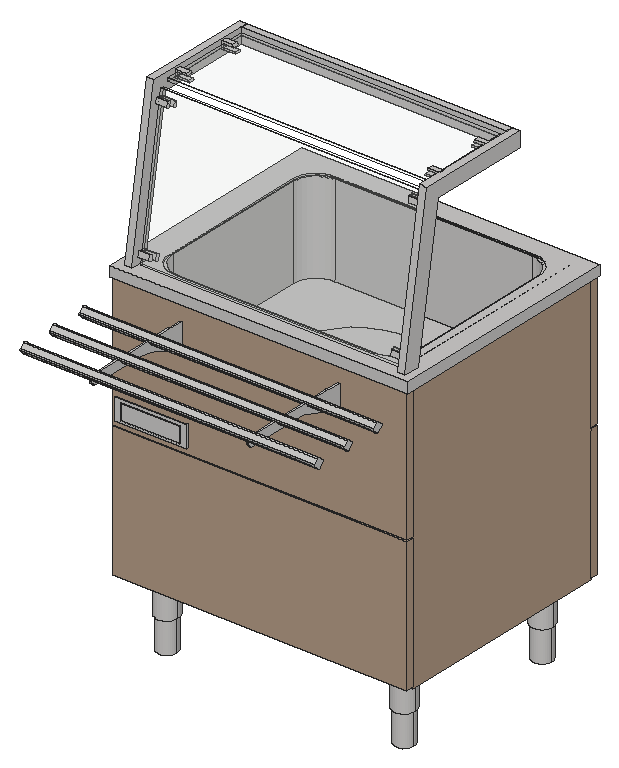
Revit family "QF_ELECTROLUXPROFESSIONAL_322093_F11C2AF01W", category Specialty Equipment, Revit 2018
Family settings
  Round Connector Dimension = Use Diameter
  Part Type = Normal
  Work Plane-Based = No
  Always vertical = Yes
  Cut with Voids When Loaded = No
  Shared = No
  Room Calculation Point = No
Parameters (values of type "Standard")
  Weight = 109.50 kg
  Watts = 0 W
  Volts = 220 V
  URL Manufacturer = "http://professional.electrolux.com"
  URL = "http://professional.electrolux.com"
  Steam Supply Size = 0 mm
  Steam Supply Minimum Pressure = 0.0 Pa
  Steam Supply Maximum Pressure = 0.0 Pa
  Steam Pounds per Hour = 0
  Show Clearance [instance] = yes
  Refrigeration Suction Line Size = 0 mm
  Refrigeration Liquid Line Size = 0 mm
  Refrigerant Compressor Remote = yes
  Manufacturer = "Electrolux Professional"
  Phase = 1
  Model = "F11C2AF01W"
  Length Actual = 770 mm  # constant formula
  Item Number = "322093"
  Hot Water Size = 0 mm
  Height Actual = 1304 mm  # constant formula
  HP = "0 HP"
  Gas Size = 0 mm
  Gas KW = 0
  Gas Input Pressure = 0 W
  Direct Waste Size = 19.05 mm
  Description = "REFRIGERATED WELL, STATIC WITH FAN, 2GN H=900MM OVERSHELF W/LED LIGHTS"
  Depth Actual = 915 mm  # constant formula
  Cycle = 50 Hz
  Condensate Return Size = 0 mm
  Compressed Air Volume = 0.0 L/s
  Compressed Air Size = 0 mm
  Compressed Air Pressure = 0.0 Pa
  Cold Water Size = 0 mm
  Accessory = yes
Values of the unnamed type that differ from the named types
  Volts = 0 V
  URL Manufacturer = ""
  Item Number = ""
  Cycle = 0 Hz
Reference planes
  plane 1 "Centro (Fronte/Retro)": y = 74.737
  plane 2: z = 0
  plane 3 "BACK": y = 384.737
  plane 4 "FRONT": y = -235.263
  plane 5: z = 900
  plane 6 "RIGHT": x = -129.269
  plane 7 "LEFT": x = -899.269
  plane 8: x = -514.269
  plane 9: y = 664.737
  plane 10: y = -530.02
  plane 11: z = 178
  plane 12: z = 1304
  plane 13: z = 1222
  plane 14: y = 297.737
  plane 15: y = -148.263
  plane 16: x = -821.269
  plane 17: x = -207.269
  plane 18: x = -895.269
  plane 19: y = -231.263
  plane 20: x = -133.269
  plane 21: y = 380.737
  plane 22: z = 874
  plane 23: y = 362.737
  plane 24: y = -213.263
  plane 25: z = 182
  plane 26: z = 527
  plane 27: z = 531
  plane 28: x = -308.269
  plane 29: x = -720.269
  plane 30: x = -877.394
  plane 31: x = -151.144
  plane 32: x = -171.144
  plane 33: x = -857.394
  plane 34: x = -849.269
  plane 35: x = -179.269
  plane 36: y = 130.237
  plane 37: y = 19.237
  plane 38: y = 33.237
  plane 39: y = 116.237
  plane 40: x = -787.269
  plane 41: x = -234.269
Forms (mm)
  Extrusion 1, solid, material "QF_Finishes_Wood"
    sketch origin (0, 0, 0) x (1, 0, 0) y (0, 1, 0)
      loop
        line (-895.269, 362.737) -> (-895.269, -213.263) -> (-133.269, -213.263) -> (-133.269, 362.737) -> (-895.269, 362.737)
    from 178 to 874
  Extrusion 2, solid, material "QF_Finishes_Wood"
    sketch origin (-133.269, 362.737, 0) x (0, -1, 0) y (0, 0, -1)
      loop
        line (576, -182) -> (576, -527) -> (594, -527) -> (594, -182) -> (576, -182)
      loop
        line (576, -531) -> (576, -874) -> (594, -874) -> (594, -531) -> (576, -531)
    from 0 to -762
  Extrusion 3, solid, material "QF_Finishes_Wood"
    sketch origin (-133.269, -213.263, 0) x (0, 1, 0) y (0, 0, 1)
      loop
        line (576, 531) -> (594, 531) -> (594, 874) -> (576, 874) -> (576, 531)
    from 0 to -762
  Extrusion 4, solid, material "QF_Finishes_Stainless Steel"
    sketch origin (0, 0, 0) x (1, 0, 0) y (0, 1, 0)
      loop
        line (-899.269, 384.737) -> (-899.269, -235.263) -> (-129.269, -235.263) -> (-129.269, 384.737) -> (-899.269, 384.737)
    from 874 to 900
  Extrusion 5, solid, material "QF_Finishes_Stainless Steel"
    sketch origin (-313.269, 362.737, 0) x (0, -1, 0) y (0, 0, -1)
      loop
        arc (628.84, -832.7) -> (632.082, -833.911) -> (635.519, -834.32) r 14.5
        line (635.519, -834.32) -> (675.715, -834.32) -> (689.858, -820.177) -> (704, -834.32) -> (770.715, -834.32) -> (784.858, -820.177) -> (799, -834.32) -> (865.716, -834.32) -> (879.858, -820.177) -> (887.686, -828.005) -> (887.686, -821.352)
        arc (887.686, -821.352) -> (887.303, -819.435) -> (886.214, -817.81) r 4.999
        line (886.214, -817.81) -> (881.179, -812.776)
        arc (881.179, -812.776) -> (879.559, -811.698) -> (877.651, -811.32) r 5
        line (877.651, -811.32) -> (732.206, -811.32)
        arc (732.206, -811.32) -> (708.662, -809.221) -> (685.86, -802.991) r 133.106
        line (685.86, -802.991) -> (638.285, -785.32) -> (597.679, -770.12) -> (594, -770.12) -> (594, -832.7) -> (628.84, -832.7)
    from 0 to 5
  Extrusion 6, void
    sketch origin (0, 0, 0) x (1, 0, 0) y (0, 1, 0)
      loop
        line (-834.269, 273.737) -> (-834.269, -124.263)
        arc (-834.269, -124.263) -> (-816.402, -167.396) -> (-773.269, -185.263) r 61
        line (-773.269, -185.263) -> (-255.269, -185.263)
        arc (-255.269, -185.263) -> (-212.135, -167.396) -> (-194.269, -124.263) r 61
        line (-194.269, -124.263) -> (-194.269, 273.737)
        arc (-194.269, 273.737) -> (-212.135, 316.871) -> (-255.269, 334.737) r 61
        line (-255.269, 334.737) -> (-773.269, 334.737)
        arc (-773.269, 334.737) -> (-816.402, 316.871) -> (-834.269, 273.737) r 61
    from 580.121 to 900
  Extrusion 7, solid, material "QF_Finishes_Wood"
    sketch origin (419.731, -213.263, -348) x (0, 1, 0) y (0, 0, 1)
      loop
        line (576, 530) -> (594, 530) -> (594, 875) -> (576, 875) -> (576, 530)
    from -553 to -658.044
  Extrusion 8, solid, material "QF_Finishes_Wood"
    sketch origin (-234.269, -213.263, -348) x (0, 1, 0) y (0, 0, 1)
      loop
        line (576, 530) -> (594, 530) -> (594, 875) -> (576, 875) -> (576, 530)
    from -548.963 to -661
  Extrusion 9, solid, material "QF_Door-Drawer Clearances", visible <- "Show Clearance"
    sketch origin (0, -4, 0) x (1, 0, 0) y (0, 1, 0)
      loop
        line (-783.232, 384.737) -> (-238.312, 384.737) -> (-710.987, 657.636)
        arc (-710.987, 657.636) -> (-765.12, 525.955) -> (-783.232, 384.737) r 544.001
    from 182 to 527
  Extrusion 10, solid, material "QF_Finishes_Stainless Steel"
    sketch origin (-720.269, 362.737, 0) x (0, -1, 0) y (0, 0, -1)
      loop
        arc (628.84, -832.7) -> (632.082, -833.911) -> (635.519, -834.32) r 14.5
        line (635.519, -834.32) -> (675.715, -834.32) -> (689.858, -820.177) -> (704, -834.32) -> (770.715, -834.32) -> (784.858, -820.177) -> (799, -834.32) -> (865.716, -834.32) -> (879.858, -820.177) -> (887.686, -828.005) -> (887.686, -821.352)
        arc (887.686, -821.352) -> (887.303, -819.435) -> (886.214, -817.81) r 4.999
        line (886.214, -817.81) -> (881.179, -812.776)
        arc (881.179, -812.776) -> (879.559, -811.698) -> (877.651, -811.32) r 5
        line (877.651, -811.32) -> (732.206, -811.32)
        arc (732.206, -811.32) -> (708.662, -809.221) -> (685.86, -802.991) r 133.106
        line (685.86, -802.991) -> (638.285, -785.32) -> (597.679, -770.12) -> (594, -770.12) -> (594, -832.7) -> (628.84, -832.7)
    from 0 to 5
  Extrusion 11, solid, material "QF_Finishes_Stainless Steel"
    sketch origin (-133.269, 362.737, 0) x (0, -1, 0) y (0, 0, -1)
      loop
        line (881.983, -846.337) -> (891.875, -836.445)
        arc (891.875, -836.445) -> (892.757, -834.322) -> (891.879, -832.198) r 3
        line (891.879, -832.198) -> (881.979, -822.299)
        arc (881.979, -822.299) -> (879.858, -821.42) -> (877.737, -822.299) r 3
        line (877.737, -822.299) -> (867.837, -832.198)
        arc (867.837, -832.198) -> (866.958, -834.32) -> (867.837, -836.441) r 3
        line (867.837, -836.441) -> (877.737, -846.34)
        arc (877.737, -846.34) -> (879.86, -847.219) -> (881.983, -846.337) r 3
      loop
        line (786.979, -846.34) -> (796.879, -836.441)
        arc (796.879, -836.441) -> (797.757, -834.32) -> (796.879, -832.198) r 3
        line (796.879, -832.198) -> (786.979, -822.299)
        arc (786.979, -822.299) -> (784.858, -821.42) -> (782.737, -822.299) r 3
        line (782.737, -822.299) -> (772.837, -832.198)
        arc (772.837, -832.198) -> (771.958, -834.317) -> (772.833, -836.437) r 3
        line (772.833, -836.437) -> (782.741, -846.345)
        arc (782.741, -846.345) -> (784.861, -847.219) -> (786.979, -846.34) r 3
      loop
        line (691.976, -846.343) -> (701.882, -836.438)
        arc (701.882, -836.438) -> (702.757, -834.318) -> (701.879, -832.198) r 3
        line (701.879, -832.198) -> (691.979, -822.299)
        arc (691.979, -822.299) -> (689.858, -821.42) -> (687.737, -822.299) r 3
        line (687.737, -822.299) -> (677.837, -832.198)
        arc (677.837, -832.198) -> (676.958, -834.32) -> (677.837, -836.441) r 3
        line (677.837, -836.441) -> (687.737, -846.34)
        arc (687.737, -846.34) -> (689.856, -847.219) -> (691.976, -846.343) r 3
    from 0 to -762
  Extrusion 12, solid, material "QF_Finishes_Stainless Steel"
    sketch origin (-133.269, 362.737, 0) x (0, -1, 0) y (0, 0, -1)
      loop
        line (206.477, -1264.379) -> (206.477, -1304) -> (507.108, -1304) -> (578.344, -900) -> (537.727, -900) -> (473.477, -1264.379) -> (206.477, -1264.379)
    from -17.875 to -37.875
  Extrusion 13, solid, material "QF_Finishes_Stainless Steel"
    sketch origin (-895.269, 362.737, 0) x (0, -1, 0) y (0, 0, 1)
      loop
        line (206.477, 1264.379) -> (473.477, 1264.379) -> (537.727, 900) -> (578.344, 900) -> (507.108, 1304) -> (206.477, 1304) -> (206.477, 1264.379)
    from -17.875 to -37.875
  Extrusion 14, solid, material "QF_Finishes_Glass"
    sketch origin (-133.269, -231.263, 531) x (0, 0, 1) y (-1, 0, 0)
      loop
        line (757.879, 46) -> (765.879, 46) -> (765.879, 716) -> (757.879, 716) -> (757.879, 46)
    from -361.5 to -120.204
  Extrusion 15, solid, material "QF_Finishes_Stainless Steel"
    sketch origin (0, 0, 0) x (1, 0, 0) y (0, 1, 0)
      loop
        line (-857.394, 156.26) -> (-857.394, 136.26) -> (-171.144, 136.26) -> (-171.144, 156.26) -> (-857.394, 156.26)
    from 1264.379 to 1304
  Extrusion 16, solid, material "QF_Finishes_Glass"
    sketch origin (-133.269, 362.737, 0) x (0, -1, 0) y (0, 0, -1)
      loop
        line (494.569, -1282.974) -> (562.097, -900) -> (553.974, -900) -> (486.445, -1282.974) -> (494.569, -1282.974)
    from -46 to -716
  Extrusion 17, solid, material "QF_Finishes_Stainless Steel"
    sketch origin (-133.269, -64.263, 531) x (0, 0, 1) y (-1, 0, 0)
      loop
        line (765.879, 691.5) -> (770.879, 693.5) -> (770.879, 724.125) -> (750.879, 724.125) -> (750.879, 716) -> (751.974, 716) -> (751.974, 685.938) -> (755.879, 687.5) -> (755.879, 717) -> (765.879, 717) -> (765.879, 691.5)
    from 0 to 14
  Extrusion 18, solid, material "QF_Finishes_Stainless Steel"
    sketch origin (-133.269, 85.737, 531) x (0, 0, 1) y (-1, 0, 0)
      loop
        line (765.879, 691.5) -> (770.879, 693.5) -> (770.879, 724.125) -> (750.879, 724.125) -> (750.879, 716) -> (751.974, 716) -> (751.974, 685.938) -> (755.879, 687.5) -> (755.879, 717) -> (765.879, 717) -> (765.879, 691.5)
    from 0 to 14
  Extrusion 19, solid, material "QF_Finishes_Stainless Steel"
    sketch origin (-895.269, -64.263, 531) x (0, 0, 1) y (-1, 0, 0)
      loop
        line (765.879, -691.5) -> (765.879, -717) -> (755.879, -717) -> (755.879, -687.5) -> (751.974, -685.938) -> (751.974, -716) -> (750.879, -716) -> (750.879, -724.125) -> (770.879, -724.125) -> (770.879, -693.5) -> (765.879, -691.5)
    from 0 to 14
  Extrusion 20, solid, material "QF_Finishes_Stainless Steel"
    sketch origin (-895.269, 85.737, 531) x (0, 0, 1) y (-1, 0, 0)
      loop
        line (765.879, -691.5) -> (765.879, -717) -> (755.879, -717) -> (755.879, -687.5) -> (751.974, -685.938) -> (751.974, -716) -> (750.879, -716) -> (750.879, -724.125) -> (770.879, -724.125) -> (770.879, -693.5) -> (765.879, -691.5)
    from 0 to 14
  Extrusion 21, solid, material "QF_Finishes_Stainless Steel"
    sketch origin (-895.269, 619.458, 1129.907) x (0, -0.984808, 0.173648) y (-1, 0, 0)
      loop
        line (765.879, -691.5) -> (765.879, -717) -> (755.879, -717) -> (755.879, -687.5) -> (751.974, -685.938) -> (751.974, -716) -> (750.879, -716) -> (750.879, -724.125) -> (770.879, -724.125) -> (770.879, -693.5) -> (765.879, -691.5)
    from 0 to 14
  Extrusion 22, solid, material "QF_Finishes_Stainless Steel"
    sketch origin (-133.269, 619.458, 1129.907) x (0, -0.984808, 0.173648) y (-1, 0, 0)
      loop
        line (765.879, 691.5) -> (770.879, 693.5) -> (770.879, 724.125) -> (750.879, 724.125) -> (750.879, 716) -> (751.974, 716) -> (751.974, 685.938) -> (755.879, 687.5) -> (755.879, 717) -> (765.879, 717) -> (765.879, 691.5)
    from 0 to 14
  Extrusion 23, solid, material "QF_Finishes_Stainless Steel"
    sketch origin (-895.269, 562.154, 799.389) x (0, -0.984808, 0.173648) y (-1, 0, 0)
      loop
        line (765.879, -691.5) -> (765.879, -717) -> (755.879, -717) -> (755.879, -687.5) -> (751.974, -685.938) -> (751.974, -716) -> (750.879, -716) -> (750.879, -724.125) -> (770.879, -724.125) -> (770.879, -693.5) -> (765.879, -691.5)
    from 0 to 14
  Extrusion 24, solid, material "QF_Finishes_Stainless Steel"
    sketch origin (-133.269, 562.154, 799.389) x (0, -0.984808, 0.173648) y (-1, 0, 0)
      loop
        line (765.879, 691.5) -> (770.879, 693.5) -> (770.879, 724.125) -> (750.879, 724.125) -> (750.879, 716) -> (751.974, 716) -> (751.974, 685.938) -> (755.879, 687.5) -> (755.879, 717) -> (765.879, 717) -> (765.879, 691.5)
    from 0 to 14
  Extrusion 25, solid, material "QF_Finishes_Wood"
    sketch origin (314.688, -213.263, -348) x (0, 1, 0) y (0, 0, 1)
      loop
        line (576, 530) -> (594, 530) -> (594, 875) -> (576, 875) -> (576, 530)
    from -553 to -1097.92
  Extrusion 26, solid, material "QF_Finishes_Stainless Steel"
    sketch origin (-1028.537, 3.4, 0) x (-1, 0, 0) y (0, -1, 0)
      loop
        circle (-196.269, -121.337) r 10
    from 178 to 166
  Extrusion 27, solid, material "QF_Finishes_Stainless Steel"
    sketch origin (-1028.537, 146.074, 0) x (-1, 0, 0) y (0, -1, 0)
      loop
        circle (-196.269, 121.337) r 10
    from 178 to 166
Cuts and joins
  Extrusion 6 cuts Extrusion 1
  Extrusion 6 cuts Extrusion 4
Lines and regions (mm)
  symbolic lines
    curve 1: line (-129.269, 384.737, 0) -> (-129.269, -235.263, 0)
    curve 2: line (-899.269, -235.263, 0) -> (-899.269, 384.737, 0)
    curve 3: line (-899.269, 384.737, 0) -> (-129.269, 384.737, 0)
    curve 4: line (-899.269, -235.263, 0) -> (-129.269, -235.263, 0)
    curve 5: line (-179.269, -64.263, 0) -> (-179.269, 71.737, 0)
    curve 6: line (-849.269, 71.737, 0) -> (-849.269, -64.263, 0)
    curve 7: line (-877.394, 156.26, 0) -> (-151.144, 156.26, 0)
    curve 8: line (-151.144, 156.26, 0) -> (-151.144, -215.607, 0)
    curve 9: line (-151.144, -215.607, 0) -> (-171.144, -215.607, 0)
    curve 10: line (-171.144, -215.607, 0) -> (-171.144, 156.26, 0)
    curve 11: line (-171.144, 136.26, 0) -> (-857.394, 136.26, 0)
    curve 12: line (-857.394, 156.26, 0) -> (-857.394, -215.607, 0)
    curve 13: line (-857.394, -215.607, 0) -> (-877.394, -215.607, 0)
    curve 14: line (-877.394, -215.607, 0) -> (-877.394, 156.26, 0)
    curve 15: line (-877.394, -144.371, 0) -> (-857.394, -144.371, 0)
    curve 16: line (-171.144, -144.371, 0) -> (-151.144, -144.371, 0)
    curve 17: line (-849.269, 130.237, 0) -> (-849.269, 85.737, 0)
    curve 18: line (-849.269, 130.237, 0) -> (-179.269, 130.237, 0)
    curve 19: line (-179.269, 130.237, 0) -> (-179.269, 85.737, 0)
    curve 20: line (-179.269, -78.263, 0) -> (-179.269, -111.059, 0)
    curve 21: line (-171.144, 85.737, 0) -> (-203.769, 85.737, 0)
    curve 22: line (-203.769, 85.737, 0) -> (-203.769, 71.737, 0)
    curve 23: line (-203.769, 71.737, 0) -> (-171.144, 71.737, 0)
    curve 24: line (-171.144, -64.263, 0) -> (-203.769, -64.263, 0)
    curve 25: line (-203.769, -64.263, 0) -> (-203.769, -78.263, 0)
    curve 26: line (-203.769, -78.263, 0) -> (-171.144, -78.263, 0)
    curve 27: line (-857.394, -64.263, 0) -> (-824.769, -64.263, 0)
    curve 28: line (-824.769, -64.263, 0) -> (-824.769, -78.263, 0)
    curve 29: line (-824.769, -78.263, 0) -> (-857.394, -78.263, 0)
    curve 30: line (-857.394, 85.737, 0) -> (-824.769, 85.737, 0)
    curve 31: line (-824.769, 85.737, 0) -> (-824.769, 71.737, 0)
    curve 32: line (-824.769, 71.737, 0) -> (-857.394, 71.737, 0)
    curve 33: line (-857.394, -142.14, 0) -> (-826.769, -142.14, 0)
    curve 34: line (-826.769, -142.14, 0) -> (-826.769, -139.709, 0)
    curve 35: line (-826.769, -139.709, 0) -> (-857.394, -139.709, 0)
    curve 36: line (-826.769, -142.14, 0) -> (-824.769, -137.216, 0)
    curve 37: line (-850.269, -134.785, 0) -> (-824.769, -134.785, 0)
    curve 38: line (-850.269, -134.785, 0) -> (-850.269, -124.937, 0)
    curve 39: line (-850.269, -124.937, 0) -> (-849.269, -124.937, 0)
    curve 40: line (-850.269, -127.368, 0) -> (-849.269, -127.368, 0)
    curve 41: line (-857.394, -120.013, 0) -> (-849.269, -120.013, 0)
    curve 42: line (-849.269, -120.013, 0) -> (-849.269, -121.091, 0)
    curve 43: line (-849.269, -121.091, 0) -> (-819.207, -121.091, 0)
    curve 44: line (-819.207, -121.091, 0) -> (-819.207, -123.708, 0)
    curve 45: line (-819.207, -121.091, 0) -> (-820.269, -123.708, 0)
    curve 46: line (-826.769, -139.709, 0) -> (-824.769, -134.785, 0)
    curve 47: line (-824.769, -134.785, 0) -> (-824.769, -137.216, 0)
    curve 48: line (-849.269, -123.708, 0) -> (-849.269, -134.785, 0)
    curve 49: line (-179.269, -131.831, 0) -> (-179.269, -123.708, 0)
    curve 50: line (-179.269, -123.708, 0) -> (-849.269, -123.708, 0)
    curve 51: line (-171.144, -142.14, 0) -> (-201.769, -142.14, 0)
    curve 52: line (-201.769, -142.14, 0) -> (-201.769, -139.709, 0)
    curve 53: line (-201.769, -139.709, 0) -> (-171.144, -139.709, 0)
    curve 54: line (-201.769, -142.14, 0) -> (-203.769, -137.216, 0)
    curve 55: line (-178.269, -134.785, 0) -> (-203.769, -134.785, 0)
    curve 56: line (-178.269, -134.785, 0) -> (-178.269, -124.937, 0)
    curve 57: line (-178.269, -124.937, 0) -> (-179.269, -124.937, 0)
    curve 58: line (-178.269, -127.368, 0) -> (-179.269, -127.368, 0)
    curve 59: line (-171.144, -120.013, 0) -> (-179.269, -120.013, 0)
    curve 60: line (-179.269, -120.013, 0) -> (-179.269, -121.091, 0)
    curve 61: line (-179.269, -121.091, 0) -> (-209.331, -121.091, 0)
    curve 62: line (-209.331, -121.091, 0) -> (-209.331, -123.708, 0)
    curve 63: line (-209.331, -121.091, 0) -> (-208.268, -123.708, 0)
    curve 64: line (-201.769, -139.709, 0) -> (-203.769, -134.785, 0)
    curve 65: line (-203.769, -134.785, 0) -> (-203.769, -137.216, 0)
    curve 66: line (-179.269, -123.708, 0) -> (-179.269, -134.785, 0)
    curve 67: line (-849.269, -142.14, 0) -> (-849.269, -192.089, 0)
    curve 68: line (-849.269, -177.317, 0) -> (-857.394, -177.317, 0)
    curve 69: line (-849.269, -182.241, 0) -> (-850.269, -182.241, 0)
    curve 70: line (-850.269, -184.672, 0) -> (-849.269, -184.672, 0)
    curve 71: line (-850.269, -182.241, 0) -> (-850.269, -192.089, 0)
    curve 72: line (-850.269, -192.089, 0) -> (-824.779, -192.089, 0)
    curve 73: line (-826.769, -197.013, 0) -> (-824.779, -192.089, 0)
    curve 74: line (-824.779, -192.089, 0) -> (-824.779, -194.52, 0)
    curve 75: line (-826.769, -199.444, 0) -> (-824.779, -194.52, 0)
    curve 76: line (-826.769, -197.013, 0) -> (-826.769, -199.444, 0)
    curve 77: line (-857.394, -199.444, 0) -> (-826.769, -199.444, 0)
    curve 78: line (-826.769, -197.013, 0) -> (-857.394, -197.013, 0)
    curve 79: line (-179.269, -177.317, 0) -> (-171.144, -177.317, 0)
    curve 80: line (-179.269, -182.241, 0) -> (-178.269, -182.241, 0)
    curve 81: line (-178.269, -184.672, 0) -> (-179.269, -184.672, 0)
    curve 82: line (-178.269, -182.241, 0) -> (-178.269, -192.089, 0)
    curve 83: line (-178.269, -192.089, 0) -> (-203.758, -192.089, 0)
    curve 84: line (-201.769, -197.013, 0) -> (-203.758, -192.089, 0)
    curve 85: line (-203.758, -192.089, 0) -> (-203.758, -194.52, 0)
    curve 86: line (-201.769, -199.444, 0) -> (-203.758, -194.52, 0)
    curve 87: line (-201.769, -197.013, 0) -> (-201.769, -199.444, 0)
    curve 88: line (-171.144, -199.444, 0) -> (-201.769, -199.444, 0)
    curve 89: line (-201.769, -197.013, 0) -> (-171.144, -197.013, 0)
    curve 90: line (-826.735, -199.36, 0) -> (-201.803, -199.36, 0)
    curve 91: line (-849.269, -78.263, 0) -> (-849.269, -111.059, 0)
    curve 92: line (-849.269, -111.059, 0) -> (-179.269, -111.059, 0)
    curve 93: line (-849.269, -131.831, 0) -> (-179.269, -131.831, 0)
    curve 94: line (-179.269, -142.14, 0) -> (-179.269, -192.089, 0)
    curve 105: arc (-511.375, 74.737, 900) -> (-514.375, 71.737, 900) -> (-517.375, 74.737, 900) r 3
    curve 106: arc (-517.375, 74.737, 900) -> (-514.375, 77.737, 900) -> (-511.375, 74.737, 900) r 3
    curve 107: arc (-511.375, 54.737, 900) -> (-514.375, 51.737, 900) -> (-517.375, 54.737, 900) r 3
    curve 108: arc (-517.375, 54.737, 900) -> (-514.375, 57.737, 900) -> (-511.375, 54.737, 900) r 3
    curve 109: arc (-511.375, 34.737, 900) -> (-514.375, 31.737, 900) -> (-517.375, 34.737, 900) r 3
    curve 110: arc (-517.375, 34.737, 900) -> (-514.375, 37.737, 900) -> (-511.375, 34.737, 900) r 3
    curve 111: arc (-511.375, 14.737, 900) -> (-514.375, 11.737, 900) -> (-517.375, 14.737, 900) r 3
    curve 112: arc (-517.375, 14.737, 900) -> (-514.375, 17.737, 900) -> (-511.375, 14.737, 900) r 3
    curve 113: arc (-525.504, 15.416, 900) -> (-528.504, 12.416, 900) -> (-531.504, 15.416, 900) r 3
    curve 114: arc (-531.504, 15.416, 900) -> (-528.504, 18.416, 900) -> (-525.504, 15.416, 900) r 3
    curve 115: arc (-521.795, 34.792, 900) -> (-524.795, 31.792, 900) -> (-527.795, 34.792, 900) r 3
    curve 116: arc (-527.795, 34.792, 900) -> (-524.795, 37.792, 900) -> (-521.795, 34.792, 900) r 3
    curve 117: arc (-525.029, 56.259, 900) -> (-522.029, 59.259, 900) -> (-519.029, 56.259, 900) r 3
    curve 118: arc (-519.029, 56.259, 900) -> (-522.029, 53.259, 900) -> (-525.029, 56.259, 900) r 3
    curve 119: arc (-531.517, 60.595, 900) -> (-528.517, 63.595, 900) -> (-525.517, 60.595, 900) r 3
    curve 120: arc (-525.517, 60.595, 900) -> (-528.517, 57.595, 900) -> (-531.517, 60.595, 900) r 3
    curve 121: arc (-545.659, 46.453, 900) -> (-542.659, 49.453, 900) -> (-539.659, 46.453, 900) r 3
    curve 122: arc (-539.659, 46.453, 900) -> (-542.659, 43.453, 900) -> (-545.659, 46.453, 900) r 3
    curve 123: arc (-537.463, 38.203, 900) -> (-534.463, 41.203, 900) -> (-531.463, 38.203, 900) r 3
    curve 124: arc (-531.463, 38.203, 900) -> (-534.463, 35.203, 900) -> (-537.463, 38.203, 900) r 3
    curve 125: arc (-545.258, 19.785, 900) -> (-542.258, 22.785, 900) -> (-539.258, 19.785, 900) r 3
    curve 126: arc (-539.258, 19.785, 900) -> (-542.258, 16.785, 900) -> (-545.258, 19.785, 900) r 3
    curve 127: arc (-570.696, 60.608, 900) -> (-573.696, 57.608, 900) -> (-576.696, 60.608, 900) r 3
    curve 128: arc (-576.696, 60.608, 900) -> (-573.696, 63.608, 900) -> (-570.696, 60.608, 900) r 3
    curve 129: arc (-572.327, 46.854, 900) -> (-569.327, 49.854, 900) -> (-566.327, 46.854, 900) r 3
    curve 130: arc (-566.327, 46.854, 900) -> (-569.327, 43.854, 900) -> (-572.327, 46.854, 900) r 3
    curve 131: arc (-564.827, 36.943, 900) -> (-561.827, 39.943, 900) -> (-558.827, 36.943, 900) r 3
    curve 132: arc (-558.827, 36.943, 900) -> (-561.827, 33.943, 900) -> (-564.827, 36.943, 900) r 3
    curve 133: arc (-555.659, 29.132, 900) -> (-552.659, 32.132, 900) -> (-549.659, 29.132, 900) r 3
    curve 134: arc (-549.659, 29.132, 900) -> (-552.659, 26.132, 900) -> (-555.659, 29.132, 900) r 3
    curve 135: arc (-557.32, 64.317, 900) -> (-554.32, 67.317, 900) -> (-551.32, 64.317, 900) r 3
    curve 136: arc (-551.32, 64.317, 900) -> (-554.32, 61.317, 900) -> (-557.32, 64.317, 900) r 3
    curve 137: arc (-553.909, 54.649, 900) -> (-550.909, 57.649, 900) -> (-547.909, 54.649, 900) r 3
    curve 138: arc (-547.909, 54.649, 900) -> (-550.909, 51.649, 900) -> (-553.909, 54.649, 900) r 3
    curve 139: arc (-529.852, 67.083, 900) -> (-532.852, 64.083, 900) -> (-535.852, 67.083, 900) r 3
    curve 140: arc (-535.852, 67.083, 900) -> (-532.852, 70.083, 900) -> (-529.852, 67.083, 900) r 3
    curve 141: arc (-537.375, 74.737, 900) -> (-534.375, 77.737, 900) -> (-531.375, 74.737, 900) r 3
    curve 142: arc (-531.375, 74.737, 900) -> (-534.375, 71.737, 900) -> (-537.375, 74.737, 900) r 3
    curve 143: arc (-557.375, 74.737, 900) -> (-554.375, 77.737, 900) -> (-551.375, 74.737, 900) r 3
    curve 144: arc (-551.375, 74.737, 900) -> (-554.375, 71.737, 900) -> (-557.375, 74.737, 900) r 3
    curve 145: arc (-577.375, 74.737, 900) -> (-574.375, 77.737, 900) -> (-571.375, 74.737, 900) r 3
    curve 146: arc (-571.375, 74.737, 900) -> (-574.375, 71.737, 900) -> (-577.375, 74.737, 900) r 3
    curve 147: arc (-525.504, 134.058, 900) -> (-528.504, 137.058, 900) -> (-531.504, 134.058, 900) r 3
    curve 148: arc (-531.504, 134.058, 900) -> (-528.504, 131.058, 900) -> (-525.504, 134.058, 900) r 3
    curve 149: arc (-521.795, 114.682, 900) -> (-524.795, 117.682, 900) -> (-527.795, 114.682, 900) r 3
    curve 150: arc (-527.795, 114.682, 900) -> (-524.795, 111.682, 900) -> (-521.795, 114.682, 900) r 3
    curve 151: arc (-525.029, 93.215, 900) -> (-522.029, 90.215, 900) -> (-519.029, 93.215, 900) r 3
    curve 152: arc (-519.029, 93.215, 900) -> (-522.029, 96.215, 900) -> (-525.029, 93.215, 900) r 3
    curve 153: arc (-531.517, 88.879, 900) -> (-528.517, 85.879, 900) -> (-525.517, 88.879, 900) r 3
    curve 154: arc (-525.517, 88.879, 900) -> (-528.517, 91.879, 900) -> (-531.517, 88.879, 900) r 3
    curve 155: arc (-545.659, 103.021, 900) -> (-542.659, 100.021, 900) -> (-539.659, 103.021, 900) r 3
    curve 156: arc (-539.659, 103.021, 900) -> (-542.659, 106.021, 900) -> (-545.659, 103.021, 900) r 3
    curve 157: arc (-537.463, 111.271, 900) -> (-534.463, 108.271, 900) -> (-531.463, 111.271, 900) r 3
    curve 158: arc (-531.463, 111.271, 900) -> (-534.463, 114.271, 900) -> (-537.463, 111.271, 900) r 3
    curve 159: arc (-545.258, 129.69, 900) -> (-542.258, 126.69, 900) -> (-539.258, 129.69, 900) r 3
    curve 160: arc (-539.258, 129.69, 900) -> (-542.258, 132.69, 900) -> (-545.258, 129.69, 900) r 3
    curve 161: arc (-570.696, 88.866, 900) -> (-573.696, 91.866, 900) -> (-576.696, 88.866, 900) r 3
    curve 162: arc (-576.696, 88.866, 900) -> (-573.696, 85.866, 900) -> (-570.696, 88.866, 900) r 3
    curve 163: arc (-572.327, 102.621, 900) -> (-569.327, 99.621, 900) -> (-566.327, 102.621, 900) r 3
    curve 164: arc (-566.327, 102.621, 900) -> (-569.327, 105.621, 900) -> (-572.327, 102.621, 900) r 3
    curve 165: arc (-564.827, 112.531, 900) -> (-561.827, 109.531, 900) -> (-558.827, 112.531, 900) r 3
    curve 166: arc (-558.827, 112.531, 900) -> (-561.827, 115.531, 900) -> (-564.827, 112.531, 900) r 3
    curve 167: arc (-555.659, 120.342, 900) -> (-552.659, 117.342, 900) -> (-549.659, 120.342, 900) r 3
    curve 168: arc (-549.659, 120.342, 900) -> (-552.659, 123.342, 900) -> (-555.659, 120.342, 900) r 3
    curve 169: arc (-557.32, 85.157, 900) -> (-554.32, 82.157, 900) -> (-551.32, 85.157, 900) r 3
    curve 170: arc (-551.32, 85.157, 900) -> (-554.32, 88.157, 900) -> (-557.32, 85.157, 900) r 3
    curve 171: arc (-553.909, 94.825, 900) -> (-550.909, 91.825, 900) -> (-547.909, 94.825, 900) r 3
    curve 172: arc (-547.909, 94.825, 900) -> (-550.909, 97.825, 900) -> (-553.909, 94.825, 900) r 3
    curve 173: arc (-529.852, 82.391, 900) -> (-532.852, 85.391, 900) -> (-535.852, 82.391, 900) r 3
    curve 174: arc (-535.852, 82.391, 900) -> (-532.852, 79.391, 900) -> (-529.852, 82.391, 900) r 3
    curve 175: arc (-511.375, 94.737, 900) -> (-514.375, 97.737, 900) -> (-517.375, 94.737, 900) r 3
    curve 176: arc (-517.375, 94.737, 900) -> (-514.375, 91.737, 900) -> (-511.375, 94.737, 900) r 3
    curve 177: arc (-511.375, 114.737, 900) -> (-514.375, 117.737, 900) -> (-517.375, 114.737, 900) r 3
    curve 178: arc (-517.375, 114.737, 900) -> (-514.375, 111.737, 900) -> (-511.375, 114.737, 900) r 3
    curve 179: arc (-511.375, 134.737, 900) -> (-514.375, 137.737, 900) -> (-517.375, 134.737, 900) r 3
    curve 180: arc (-517.375, 134.737, 900) -> (-514.375, 131.737, 900) -> (-511.375, 134.737, 900) r 3
    curve 181: arc (-503.246, 15.416, 900) -> (-500.246, 12.416, 900) -> (-497.246, 15.416, 900) r 3
    curve 182: arc (-497.246, 15.416, 900) -> (-500.246, 18.416, 900) -> (-503.246, 15.416, 900) r 3
    curve 183: arc (-506.955, 34.792, 900) -> (-503.955, 31.792, 900) -> (-500.955, 34.792, 900) r 3
    curve 184: arc (-500.955, 34.792, 900) -> (-503.955, 37.792, 900) -> (-506.955, 34.792, 900) r 3
    curve 185: arc (-503.721, 56.259, 900) -> (-506.721, 59.259, 900) -> (-509.721, 56.259, 900) r 3
    curve 186: arc (-509.721, 56.259, 900) -> (-506.721, 53.259, 900) -> (-503.721, 56.259, 900) r 3
    curve 187: arc (-497.233, 60.595, 900) -> (-500.233, 63.595, 900) -> (-503.233, 60.595, 900) r 3
    curve 188: arc (-503.233, 60.595, 900) -> (-500.233, 57.595, 900) -> (-497.233, 60.595, 900) r 3
    curve 189: arc (-483.091, 46.453, 900) -> (-486.091, 49.453, 900) -> (-489.091, 46.453, 900) r 3
    curve 190: arc (-489.091, 46.453, 900) -> (-486.091, 43.453, 900) -> (-483.091, 46.453, 900) r 3
    curve 191: arc (-491.287, 38.203, 900) -> (-494.287, 41.203, 900) -> (-497.287, 38.203, 900) r 3
    curve 192: arc (-497.287, 38.203, 900) -> (-494.287, 35.203, 900) -> (-491.287, 38.203, 900) r 3
    curve 193: arc (-483.491, 19.785, 900) -> (-486.491, 22.785, 900) -> (-489.491, 19.785, 900) r 3
    curve 194: arc (-489.491, 19.785, 900) -> (-486.491, 16.785, 900) -> (-483.491, 19.785, 900) r 3
    curve 195: arc (-458.054, 60.608, 900) -> (-455.054, 57.608, 900) -> (-452.054, 60.608, 900) r 3
    curve 196: arc (-452.054, 60.608, 900) -> (-455.054, 63.608, 900) -> (-458.054, 60.608, 900) r 3
    curve 197: arc (-456.422, 46.854, 900) -> (-459.422, 49.854, 900) -> (-462.422, 46.854, 900) r 3
    curve 198: arc (-462.422, 46.854, 900) -> (-459.422, 43.854, 900) -> (-456.422, 46.854, 900) r 3
    curve 199: arc (-463.922, 36.943, 900) -> (-466.922, 39.943, 900) -> (-469.922, 36.943, 900) r 3
    curve 200: arc (-469.922, 36.943, 900) -> (-466.922, 33.943, 900) -> (-463.922, 36.943, 900) r 3
    curve 201: arc (-473.091, 29.132, 900) -> (-476.091, 32.132, 900) -> (-479.091, 29.132, 900) r 3
    curve 202: arc (-479.091, 29.132, 900) -> (-476.091, 26.132, 900) -> (-473.091, 29.132, 900) r 3
    curve 203: arc (-471.43, 64.317, 900) -> (-474.43, 67.317, 900) -> (-477.43, 64.317, 900) r 3
    curve 204: arc (-477.43, 64.317, 900) -> (-474.43, 61.317, 900) -> (-471.43, 64.317, 900) r 3
    curve 205: arc (-474.841, 54.649, 900) -> (-477.841, 57.649, 900) -> (-480.841, 54.649, 900) r 3
    curve 206: arc (-480.841, 54.649, 900) -> (-477.841, 51.649, 900) -> (-474.841, 54.649, 900) r 3
    curve 207: arc (-498.897, 67.083, 900) -> (-495.897, 64.083, 900) -> (-492.897, 67.083, 900) r 3
    curve 208: arc (-492.897, 67.083, 900) -> (-495.897, 70.083, 900) -> (-498.897, 67.083, 900) r 3
    curve 209: arc (-491.375, 74.737, 900) -> (-494.375, 77.737, 900) -> (-497.375, 74.737, 900) r 3
    curve 210: arc (-497.375, 74.737, 900) -> (-494.375, 71.737, 900) -> (-491.375, 74.737, 900) r 3
    curve 211: arc (-471.375, 74.737, 900) -> (-474.375, 77.737, 900) -> (-477.375, 74.737, 900) r 3
    curve 212: arc (-477.375, 74.737, 900) -> (-474.375, 71.737, 900) -> (-471.375, 74.737, 900) r 3
    curve 213: arc (-451.375, 74.737, 900) -> (-454.375, 77.737, 900) -> (-457.375, 74.737, 900) r 3
    curve 214: arc (-457.375, 74.737, 900) -> (-454.375, 71.737, 900) -> (-451.375, 74.737, 900) r 3
    curve 215: arc (-503.246, 134.058, 900) -> (-500.246, 137.058, 900) -> (-497.246, 134.058, 900) r 3
    curve 216: arc (-497.246, 134.058, 900) -> (-500.246, 131.058, 900) -> (-503.246, 134.058, 900) r 3
    curve 217: arc (-506.955, 114.682, 900) -> (-503.955, 117.682, 900) -> (-500.955, 114.682, 900) r 3
    curve 218: arc (-500.955, 114.682, 900) -> (-503.955, 111.682, 900) -> (-506.955, 114.682, 900) r 3
    curve 219: arc (-503.721, 93.215, 900) -> (-506.721, 90.215, 900) -> (-509.721, 93.215, 900) r 3
    curve 220: arc (-509.721, 93.215, 900) -> (-506.721, 96.215, 900) -> (-503.721, 93.215, 900) r 3
    curve 221: arc (-497.233, 88.879, 900) -> (-500.233, 85.879, 900) -> (-503.233, 88.879, 900) r 3
    curve 222: arc (-503.233, 88.879, 900) -> (-500.233, 91.879, 900) -> (-497.233, 88.879, 900) r 3
    curve 223: arc (-483.091, 103.021, 900) -> (-486.091, 100.021, 900) -> (-489.091, 103.021, 900) r 3
    curve 224: arc (-489.091, 103.021, 900) -> (-486.091, 106.021, 900) -> (-483.091, 103.021, 900) r 3
    curve 225: arc (-491.287, 111.271, 900) -> (-494.287, 108.271, 900) -> (-497.287, 111.271, 900) r 3
    curve 226: arc (-497.287, 111.271, 900) -> (-494.287, 114.271, 900) -> (-491.287, 111.271, 900) r 3
    curve 227: arc (-483.491, 129.69, 900) -> (-486.491, 126.69, 900) -> (-489.491, 129.69, 900) r 3
    curve 228: arc (-489.491, 129.69, 900) -> (-486.491, 132.69, 900) -> (-483.491, 129.69, 900) r 3
    curve 229: arc (-458.054, 88.866, 900) -> (-455.054, 91.866, 900) -> (-452.054, 88.866, 900) r 3
    curve 230: arc (-452.054, 88.866, 900) -> (-455.054, 85.866, 900) -> (-458.054, 88.866, 900) r 3
    curve 231: arc (-456.422, 102.621, 900) -> (-459.422, 99.621, 900) -> (-462.422, 102.621, 900) r 3
    curve 232: arc (-462.422, 102.621, 900) -> (-459.422, 105.621, 900) -> (-456.422, 102.621, 900) r 3
    curve 233: arc (-463.922, 112.531, 900) -> (-466.922, 109.531, 900) -> (-469.922, 112.531, 900) r 3
    curve 234: arc (-469.922, 112.531, 900) -> (-466.922, 115.531, 900) -> (-463.922, 112.531, 900) r 3
    curve 235: arc (-473.091, 120.342, 900) -> (-476.091, 117.342, 900) -> (-479.091, 120.342, 900) r 3
    curve 236: arc (-479.091, 120.342, 900) -> (-476.091, 123.342, 900) -> (-473.091, 120.342, 900) r 3
    curve 237: arc (-471.43, 85.157, 900) -> (-474.43, 82.157, 900) -> (-477.43, 85.157, 900) r 3
    curve 238: arc (-477.43, 85.157, 900) -> (-474.43, 88.157, 900) -> (-471.43, 85.157, 900) r 3
    curve 239: arc (-474.841, 94.825, 900) -> (-477.841, 91.825, 900) -> (-480.841, 94.825, 900) r 3
    curve 240: arc (-480.841, 94.825, 900) -> (-477.841, 97.825, 900) -> (-474.841, 94.825, 900) r 3
    curve 241: arc (-498.897, 82.391, 900) -> (-495.897, 85.391, 900) -> (-492.897, 82.391, 900) r 3
    curve 242: arc (-492.897, 82.391, 900) -> (-495.897, 79.391, 900) -> (-498.897, 82.391, 900) r 3
    curve 247: line (-899.269, -235.263, 0) -> (-899.269, -530.02, 0)
    curve 248: line (-899.269, -530.02, 0) -> (-129.269, -530.02, 0)
    curve 249: line (-129.269, -530.02, 0) -> (-129.269, -235.263, 0)
  symbolic lines, style "SpecialityEquipmentHiddenLines"
    curve 95: line (-768.269, 329.737, 900) -> (-260.269, 329.737, 900)
    curve 96: arc (-260.269, 329.737, 900) -> (-217.135, 311.871, 900) -> (-199.269, 268.737, 900) r 61
    curve 97: line (-199.269, 268.737, 900) -> (-199.269, -119.263, 900)
    curve 98: arc (-199.269, -119.263, 900) -> (-217.135, -162.396, 900) -> (-260.269, -180.263, 900) r 61
    curve 99: line (-260.269, -180.263, 900) -> (-768.269, -180.263, 900)
    curve 100: arc (-768.269, -180.263, 900) -> (-811.402, -162.396, 900) -> (-829.269, -119.263, 900) r 61
    curve 101: line (-829.269, -119.263, 900) -> (-829.269, 268.737, 900)
    curve 102: arc (-829.269, 268.737, 900) -> (-811.402, 311.871, 900) -> (-768.269, 329.737, 900) r 61
    curve 103: arc (-358.769, 74.737, 900) -> (-513.769, 229.737, 900) -> (-668.769, 74.737, 900) r 155
    curve 104: arc (-668.769, 74.737, 900) -> (-513.769, -80.263, 900) -> (-358.769, 74.737, 900) r 155
    curve 243: line (-514.269, 329.737, 900) -> (-514.269, -180.263, 900)
  symbolic lines, style "QF_Door-Drawer Clearances"
    curve 244: arc (-710.987, 653.636, 0) -> (-764.605, 523.887, 0) -> (-783.232, 384.737, 0) r 544.001
    curve 245: line (-245.24, 384.737, 0) -> (-710.987, 653.636, 0)
    curve 246: line (-285.24, 384.737, 0) -> (-720.987, 636.316, 0)
Dimensions and locks
  plane 7 "LEFT" to plane 6 "RIGHT" = 770 mm
  equal spacing: plane 3 "BACK", plane 1 "Centro (Fronte/Retro)", plane 4 "FRONT"
  plane 3 "BACK" to plane 4 "FRONT" = 620 mm
  equal spacing: plane 7 "LEFT", plane 8, plane 6 "RIGHT"
  locked: plane 9 to plane 3 "BACK" at 280
  locked: plane 4 "FRONT" to plane 10 at 294.757
  locked: plane 11 to plane 2 at 178
  locked: plane 5 to plane 2 at 900
  locked: plane 12 to plane 2 at 1304
  locked: plane 13 to plane 2 at 1222
  locked: plane 3 "BACK" to plane 14 at 87
  locked: plane 7 "LEFT" to plane 16 at 78
  locked: plane 17 to plane 6 "RIGHT" at 78
  locked: plane 15 to plane 4 "FRONT" at 87
  locked: plane 3 "BACK" to plane 21 at 4
  locked: plane 7 "LEFT" to plane 18 at 4
  locked: plane 20 to plane 6 "RIGHT" at 4
  locked: plane 19 to plane 4 "FRONT" at 4
  locked: plane 5 to plane 22 at 26
  locked: plane 24 to plane 19 at 18
  locked: plane 21 to plane 23 at 18
  locked: plane 20 to plane 28 at 175
  locked: plane 29 to plane 18 at 175
  equal spacing: plane 30, plane 8, plane 31
  plane 30 to plane 31 = 726.25 mm
  locked: plane 30 to plane 33 at 20
  locked: plane 32 to plane 31 at 20
  equal spacing: plane 34, plane 8, plane 35
  plane 34 to plane 35 = 670 mm
  equal spacing: plane 36, plane 1 "Centro (Fronte/Retro)", plane 37
  plane 36 to plane 37 = 111 mm
  locked: plane 36 to plane 39 at 14
  locked: plane 38 to plane 37 at 14
  locked: plane 41 to plane 6 "RIGHT" at 105
  locked: plane 7 "LEFT" to plane 40 at 112
  plane 16 to plane 7 "LEFT" = 78 mm
  plane 6 "RIGHT" to plane 17 = 78 mm
  plane 7 "LEFT" to Extrusion 4 = 770 mm
  angle Extrusion 9 sketch curve to Extrusion 25 = 30.00°
  aligned and locked: level to plane 2
  aligned and locked: Extrusion 1 sketch curve to plane 23
  aligned and locked: plane 18 to Extrusion 1 sketch curve
  aligned and locked: plane 24 to Extrusion 1 sketch curve
  aligned and locked: Extrusion 1 sketch curve to plane 20
  aligned and locked: plane 22 to Extrusion 1
  aligned and locked: Extrusion 1 to plane 11
  aligned and locked: plane 25 to Extrusion 2 sketch curve
  aligned and locked: Extrusion 2 sketch curve to plane 24  (x2)
  aligned and locked: Extrusion 2 sketch curve to plane 26
  aligned and locked: plane 19 to Extrusion 2 sketch curve  (x2)
  aligned and locked: plane 27 to Extrusion 2 sketch curve
  aligned and locked: Extrusion 2 sketch curve to plane 22
  aligned and locked: Extrusion 2 to plane 18
  aligned and locked: Extrusion 3 to plane 18
  aligned and locked: Extrusion 4 sketch curve to plane 3 "BACK"
  aligned and locked: plane 7 "LEFT" to Extrusion 4 sketch curve
  aligned and locked: plane 4 "FRONT" to Extrusion 4 sketch curve
  aligned and locked: Extrusion 4 sketch curve to plane 6 "RIGHT"
  aligned and locked: Extrusion 4 to plane 22
  aligned and locked: plane 20 to Extrusion 7
  aligned and locked: Extrusion 8 to plane 18
  aligned and locked: plane 26 to Extrusion 9
  aligned and locked: Extrusion 7 to plane 25
  aligned and locked: Extrusion 8 to plane 25
  aligned and locked: plane 16 to nested 1
  aligned and locked: plane 17 to nested 2
  aligned and locked: nested 2 to plane 15
  aligned and locked: nested 1 to plane 15
  aligned and locked: nested 3 to plane 14
  aligned and locked: plane 16 to nested 4
  aligned and locked: plane 20 to Extrusion 11
  aligned and locked: Extrusion 11 to plane 18
  aligned and locked: nested 4 to plane 14
  aligned and locked: Extrusion 12 to plane 31
  aligned and locked: Extrusion 12 to plane 32
  aligned and locked: plane 33 to Extrusion 13
  aligned and locked: Extrusion 13 to plane 30
  aligned and locked: Extrusion 15 sketch curve to plane 32
  aligned and locked: plane 33 to Extrusion 15 sketch curve
  aligned and locked: Extrusion 15 to Extrusion 12
  aligned and locked: Extrusion 16 to plane 34
  aligned and locked: plane 35 to Extrusion 16
  aligned and locked: plane 33 to Extrusion 17 sketch curve
  aligned and locked: Extrusion 14 sketch curve to plane 35
  aligned and locked: plane 34 to Extrusion 14 sketch curve
  aligned and locked: plane 5 to Extrusion 4
Automatic sketch dimensions
  Extrusion 1 to Extrusion 3 sketch curve = 0 mm
  Extrusion 3 sketch curve to Extrusion 1 = 0 mm
  Extrusion 3 sketch curve to Extrusion 3 sketch curve = 18 mm
  Extrusion 3 sketch curve to Extrusion 3 sketch curve = 343 mm
  Extrusion 5 sketch curve to plane 19 = 0 mm
  plane 4 "FRONT" to Extrusion 5 sketch curve = 0.321 mm
  Extrusion 5 sketch curve to plane 4 "FRONT" = 30.84 mm
  Extrusion 5 sketch curve to Extrusion 5 sketch curve = 6.66 mm
  Extrusion 5 sketch curve to Extrusion 5 sketch curve = 6.678 mm
  Extrusion 5 sketch curve to Extrusion 5 sketch curve = 2.785 mm
  Extrusion 5 sketch curve to Extrusion 5 sketch curve = 40.197 mm
  Extrusion 5 sketch curve to Extrusion 5 sketch curve = 10.145 mm
  Extrusion 5 sketch curve to Extrusion 5 sketch curve = 3.998 mm
  Extrusion 5 sketch curve to plane 22 = 39.68 mm  (x3)
  Extrusion 5 sketch curve to Extrusion 5 sketch curve = 14.142 mm  (x3)
  Extrusion 5 sketch curve to Extrusion 5 sketch curve = 28.206 mm
  Extrusion 5 sketch curve to Extrusion 5 sketch curve = 38.51 mm
  Extrusion 5 sketch curve to Extrusion 5 sketch curve = 14.143 mm
  plane 10 to Extrusion 5 sketch curve = 27.042 mm
  plane 10 to Extrusion 5 sketch curve = 15.107 mm
  Extrusion 5 sketch curve to Extrusion 5 sketch curve = 2.207 mm
  Extrusion 5 sketch curve to Extrusion 5 sketch curve = 3.528 mm  (x2)
  Extrusion 5 sketch curve to Extrusion 5 sketch curve = 2.829 mm
  plane 10 to Extrusion 5 sketch curve = 5.072 mm
  Extrusion 5 sketch curve to Extrusion 5 sketch curve = 1.62 mm
  Extrusion 5 sketch curve to Extrusion 5 sketch curve = 6.314 mm
  Extrusion 5 sketch curve to Extrusion 5 sketch curve = 6.653 mm
  Extrusion 5 sketch curve to Extrusion 5 sketch curve = 1.175 mm
  Extrusion 5 sketch curve to Extrusion 5 sketch curve = 3.858 mm
  Extrusion 5 sketch curve to Extrusion 5 sketch curve = 3.543 mm
  Extrusion 5 sketch curve to Extrusion 5 sketch curve = 23 mm
  Extrusion 5 sketch curve to Extrusion 5 sketch curve = 17.187 mm
  Extrusion 5 sketch curve to Extrusion 5 sketch curve = 34.499 mm
  Extrusion 5 sketch curve to Extrusion 5 sketch curve = 15.2 mm
  Extrusion 5 sketch curve to Extrusion 5 sketch curve = 0 mm
  Extrusion 6 sketch curve to plane 40 = 14 mm  (x2)
  plane 41 to Extrusion 6 sketch curve = 21 mm  (x2)
  plane 17 to Extrusion 6 sketch curve = 13 mm
  plane 24 to Extrusion 6 sketch curve = 28 mm
  plane 15 to Extrusion 6 sketch curve = 24 mm
  Extrusion 6 sketch curve to plane 14 = 24 mm  (x2)
  Extrusion 6 sketch curve to Extrusion 6 sketch curve = 0 mm  (x3)
  Extrusion 7 sketch curve to plane 23 = 0 mm
  Extrusion 7 sketch curve to plane 21 = 0 mm
  Extrusion 7 sketch curve to plane 25 = 0 mm
  Extrusion 7 sketch curve to plane 26 = 0 mm
  Extrusion 8 sketch curve to plane 23 = 0 mm
  Extrusion 8 sketch curve to plane 21 = 0 mm
  Extrusion 8 sketch curve to plane 25 = 0 mm
  Extrusion 8 sketch curve to plane 26 = 0 mm
  Extrusion 9 sketch curve to plane 21 = 0 mm
  Extrusion 9 sketch curve to plane 40 = 4.037 mm
  Extrusion 9 sketch curve to plane 3 "BACK" = 2 mm
  plane 41 to Extrusion 9 sketch curve = 4.966 mm
  Extrusion 9 sketch curve to Extrusion 9 sketch curve = 0.923 mm
  Extrusion 10 sketch curve to plane 19 = 0 mm
  plane 4 "FRONT" to Extrusion 10 sketch curve = 0.321 mm
  Extrusion 10 sketch curve to plane 4 "FRONT" = 30.84 mm
  Extrusion 10 sketch curve to Extrusion 10 sketch curve = 6.66 mm
  Extrusion 10 sketch curve to Extrusion 10 sketch curve = 6.678 mm
  Extrusion 10 sketch curve to Extrusion 10 sketch curve = 2.785 mm
  Extrusion 10 sketch curve to Extrusion 10 sketch curve = 40.197 mm
  Extrusion 10 sketch curve to Extrusion 10 sketch curve = 10.145 mm
  Extrusion 10 sketch curve to Extrusion 10 sketch curve = 3.998 mm
  Extrusion 10 sketch curve to plane 22 = 39.68 mm  (x3)
  Extrusion 10 sketch curve to Extrusion 10 sketch curve = 14.142 mm  (x3)
  Extrusion 10 sketch curve to Extrusion 10 sketch curve = 28.206 mm
  Extrusion 10 sketch curve to Extrusion 10 sketch curve = 38.51 mm
  Extrusion 10 sketch curve to Extrusion 10 sketch curve = 14.143 mm
  plane 10 to Extrusion 10 sketch curve = 27.042 mm
  plane 10 to Extrusion 10 sketch curve = 15.107 mm
  Extrusion 10 sketch curve to Extrusion 10 sketch curve = 2.207 mm
  Extrusion 10 sketch curve to Extrusion 10 sketch curve = 3.528 mm  (x2)
  Extrusion 10 sketch curve to Extrusion 10 sketch curve = 2.829 mm
  plane 10 to Extrusion 10 sketch curve = 5.072 mm
  Extrusion 10 sketch curve to Extrusion 10 sketch curve = 1.62 mm
  Extrusion 10 sketch curve to Extrusion 10 sketch curve = 6.314 mm
  Extrusion 10 sketch curve to Extrusion 10 sketch curve = 6.653 mm
  Extrusion 10 sketch curve to Extrusion 10 sketch curve = 1.175 mm
  Extrusion 10 sketch curve to Extrusion 10 sketch curve = 3.858 mm
  Extrusion 10 sketch curve to Extrusion 10 sketch curve = 3.543 mm
  Extrusion 10 sketch curve to Extrusion 10 sketch curve = 23 mm
  Extrusion 10 sketch curve to Extrusion 10 sketch curve = 17.187 mm
  Extrusion 10 sketch curve to Extrusion 10 sketch curve = 34.499 mm
  Extrusion 10 sketch curve to Extrusion 10 sketch curve = 15.2 mm
  Extrusion 10 sketch curve to Extrusion 10 sketch curve = 0 mm
  Extrusion 1 to Extrusion 11 sketch curve = 39.68 mm
  Extrusion 11 sketch curve to Extrusion 1 = 103.958 mm
  Extrusion 11 sketch curve to Extrusion 11 sketch curve = 9.899 mm  (x7)
  Extrusion 1 to Extrusion 11 sketch curve = 27.657 mm
  Extrusion 11 sketch curve to Extrusion 11 sketch curve = 2.118 mm  (x3)
  Extrusion 1 to Extrusion 11 sketch curve = 37.562 mm
  Extrusion 11 sketch curve to Extrusion 11 sketch curve = 2.124 mm  (x2)
  Extrusion 1 to Extrusion 11 sketch curve = 37.563 mm
  Extrusion 11 sketch curve to Extrusion 11 sketch curve = 70.951 mm
  Extrusion 1 to Extrusion 11 sketch curve = 41.802 mm  (x6)
  Extrusion 11 sketch curve to Extrusion 11 sketch curve = 0.004 mm
  Extrusion 11 sketch curve to Extrusion 11 sketch curve = 2.126 mm
  Extrusion 1 to Extrusion 11 sketch curve = 27.655 mm
  Extrusion 11 sketch curve to Extrusion 11 sketch curve = 9.908 mm
  Extrusion 11 sketch curve to Extrusion 11 sketch curve = 2.117 mm
  Extrusion 11 sketch curve to Extrusion 11 sketch curve = 9.9 mm  (x3)
  Extrusion 1 to Extrusion 11 sketch curve = 27.66 mm  (x3)
  Extrusion 11 sketch curve to Extrusion 11 sketch curve = 2.121 mm  (x16)
  Extrusion 1 to Extrusion 11 sketch curve = 37.559 mm  (x3)
  Extrusion 11 sketch curve to Extrusion 11 sketch curve = 70.958 mm
  Extrusion 11 sketch curve to Extrusion 11 sketch curve = 0 mm  (x12)
  Extrusion 1 to Extrusion 11 sketch curve = 51.701 mm  (x6)
  Extrusion 1 to Extrusion 11 sketch curve = 27.663 mm
  Extrusion 11 sketch curve to Extrusion 11 sketch curve = 2.125 mm
  Extrusion 1 to Extrusion 11 sketch curve = 37.555 mm
  Extrusion 1 to Extrusion 12 sketch curve = 206.477 mm
  Extrusion 1 to Extrusion 12 sketch curve = 102.523 mm
  Extrusion 12 sketch curve to Extrusion 12 sketch curve = 33.631 mm
  Extrusion 1 to Extrusion 12 sketch curve = 38.273 mm
  Extrusion 12 sketch curve to Extrusion 1 = 2.344 mm
  Extrusion 12 sketch curve to Extrusion 1 = 430 mm
  Extrusion 12 sketch curve to Extrusion 12 sketch curve = 39.621 mm
  Extrusion 12 sketch curve to Extrusion 1 = 26 mm
  Extrusion 13 sketch curve to plane 12 = 0 mm
  Extrusion 13 sketch curve to plane 5 = 0 mm
  plane 36 to Extrusion 13 sketch curve = 26.023 mm
  plane 15 to Extrusion 13 sketch curve = 37.523 mm
  plane 15 to Extrusion 13 sketch curve = 3.892 mm
  Extrusion 13 sketch curve to plane 15 = 26.727 mm
  Extrusion 13 sketch curve to plane 24 = 2.344 mm
  Extrusion 13 sketch curve to plane 12 = 39.621 mm
  Extrusion 14 sketch curve to plane 12 = 15.121 mm
  Extrusion 14 sketch curve to plane 12 = 7.121 mm
  plane 36 to Extrusion 15 sketch curve = 6.023 mm
  Extrusion 15 sketch curve to Extrusion 15 sketch curve = 20 mm
  Extrusion 16 sketch curve to plane 5 = 0 mm
  plane 15 to Extrusion 16 sketch curve = 24.555 mm
  Extrusion 16 sketch curve to Extrusion 16 sketch curve = 8.123 mm  (x2)
  plane 24 to Extrusion 16 sketch curve = 22.026 mm
  Extrusion 16 sketch curve to plane 12 = 21.026 mm
  Extrusion 17 sketch curve to plane 34 = 0 mm
  Extrusion 17 sketch curve to plane 12 = 22.121 mm
  Extrusion 17 sketch curve to Extrusion 17 sketch curve = 1.095 mm
  plane 16 to Extrusion 17 sketch curve = 0.5 mm
  Extrusion 17 sketch curve to Extrusion 17 sketch curve = 3.905 mm
  Extrusion 17 sketch curve to plane 34 = 1 mm
  Extrusion 17 sketch curve to plane 12 = 7.121 mm
  Extrusion 17 sketch curve to plane 12 = 2.121 mm
  plane 16 to Extrusion 17 sketch curve = 2.062 mm
  Extrusion 17 sketch curve to plane 16 = 3.5 mm
  Extrusion 17 sketch curve to Extrusion 17 sketch curve = 2 mm
  Extrusion 18 sketch curve to plane 34 = 0 mm
  Extrusion 18 sketch curve to plane 33 = 0 mm
  Extrusion 18 sketch curve to plane 12 = 22.121 mm
  Extrusion 18 sketch curve to Extrusion 18 sketch curve = 1.095 mm
  plane 16 to Extrusion 18 sketch curve = 0.5 mm
  Extrusion 18 sketch curve to Extrusion 18 sketch curve = 3.905 mm
  Extrusion 18 sketch curve to plane 34 = 1 mm
  Extrusion 18 sketch curve to plane 12 = 7.121 mm
  Extrusion 18 sketch curve to plane 12 = 2.121 mm
  plane 16 to Extrusion 18 sketch curve = 2.062 mm
  Extrusion 18 sketch curve to plane 16 = 3.5 mm
  Extrusion 18 sketch curve to Extrusion 18 sketch curve = 2 mm
  Extrusion 19 sketch curve to plane 35 = 0 mm
  Extrusion 19 sketch curve to plane 32 = 0 mm
  Extrusion 19 sketch curve to plane 12 = 22.121 mm
  Extrusion 19 sketch curve to Extrusion 19 sketch curve = 1.095 mm
  Extrusion 19 sketch curve to plane 17 = 0.5 mm
  Extrusion 19 sketch curve to Extrusion 19 sketch curve = 3.905 mm
  plane 35 to Extrusion 19 sketch curve = 1 mm
  Extrusion 19 sketch curve to plane 12 = 7.121 mm
  Extrusion 19 sketch curve to plane 12 = 2.121 mm
  plane 17 to Extrusion 19 sketch curve = 5.5 mm
  plane 17 to Extrusion 19 sketch curve = 3.5 mm
  Extrusion 19 sketch curve to plane 17 = 2.062 mm
  Extrusion 20 sketch curve to plane 35 = 0 mm
  Extrusion 20 sketch curve to plane 32 = 0 mm
  Extrusion 20 sketch curve to plane 12 = 22.121 mm
  Extrusion 20 sketch curve to Extrusion 20 sketch curve = 1.095 mm
  Extrusion 20 sketch curve to plane 17 = 0.5 mm
  Extrusion 20 sketch curve to Extrusion 20 sketch curve = 3.905 mm
  plane 35 to Extrusion 20 sketch curve = 1 mm
  Extrusion 20 sketch curve to plane 12 = 7.121 mm
  Extrusion 20 sketch curve to plane 12 = 2.121 mm
  plane 17 to Extrusion 20 sketch curve = 5.5 mm
  plane 17 to Extrusion 20 sketch curve = 3.5 mm
  Extrusion 20 sketch curve to plane 17 = 2.062 mm
  plane 35 to Extrusion 21 sketch curve = 0 mm
  Extrusion 21 sketch curve to Extrusion 21 sketch curve = 1.095 mm
  Extrusion 21 sketch curve to plane 17 = 0.5 mm
  Extrusion 21 sketch curve to Extrusion 21 sketch curve = 3.905 mm
  plane 35 to Extrusion 21 sketch curve = 1 mm
  Extrusion 21 sketch curve to Extrusion 21 sketch curve = 10 mm
  Extrusion 21 sketch curve to Extrusion 21 sketch curve = 5 mm
  plane 32 to Extrusion 21 sketch curve = 0 mm
  plane 17 to Extrusion 21 sketch curve = 5.5 mm
  plane 17 to Extrusion 21 sketch curve = 3.5 mm
  Extrusion 21 sketch curve to plane 17 = 2.062 mm
  Extrusion 22 sketch curve to plane 34 = 0 mm
  Extrusion 22 sketch curve to Extrusion 22 sketch curve = 1.095 mm
  plane 16 to Extrusion 22 sketch curve = 0.5 mm
  Extrusion 22 sketch curve to Extrusion 22 sketch curve = 3.905 mm
  Extrusion 22 sketch curve to plane 34 = 1 mm
  Extrusion 22 sketch curve to Extrusion 22 sketch curve = 10 mm
  Extrusion 22 sketch curve to Extrusion 22 sketch curve = 5 mm
  plane 16 to Extrusion 22 sketch curve = 2.062 mm
  Extrusion 22 sketch curve to plane 16 = 3.5 mm
  Extrusion 22 sketch curve to Extrusion 22 sketch curve = 2 mm
  Extrusion 22 sketch curve to plane 33 = 0 mm
  plane 35 to Extrusion 23 sketch curve = 0 mm
  Extrusion 23 sketch curve to Extrusion 23 sketch curve = 1.095 mm
  Extrusion 23 sketch curve to plane 17 = 0.5 mm
  Extrusion 23 sketch curve to Extrusion 23 sketch curve = 3.905 mm
  plane 35 to Extrusion 23 sketch curve = 1 mm
  Extrusion 23 sketch curve to Extrusion 23 sketch curve = 10 mm
  Extrusion 23 sketch curve to Extrusion 23 sketch curve = 5 mm
  plane 32 to Extrusion 23 sketch curve = 0 mm
  plane 17 to Extrusion 23 sketch curve = 5.5 mm
  plane 17 to Extrusion 23 sketch curve = 3.5 mm
  Extrusion 23 sketch curve to plane 17 = 2.062 mm
  Extrusion 24 sketch curve to plane 34 = 0 mm
  Extrusion 24 sketch curve to Extrusion 24 sketch curve = 1.095 mm
  plane 16 to Extrusion 24 sketch curve = 0.5 mm
  Extrusion 24 sketch curve to Extrusion 24 sketch curve = 3.905 mm
  Extrusion 24 sketch curve to plane 34 = 1 mm
  Extrusion 24 sketch curve to Extrusion 24 sketch curve = 10 mm
  Extrusion 24 sketch curve to Extrusion 24 sketch curve = 5 mm
  plane 16 to Extrusion 24 sketch curve = 2.062 mm
  Extrusion 24 sketch curve to plane 16 = 3.5 mm
  Extrusion 24 sketch curve to Extrusion 24 sketch curve = 2 mm
  Extrusion 24 sketch curve to plane 33 = 0 mm
  Extrusion 25 sketch curve to plane 23 = 0 mm
  Extrusion 25 sketch curve to plane 21 = 0 mm
  Extrusion 25 sketch curve to plane 25 = 0 mm
  Extrusion 25 sketch curve to plane 26 = 0 mm
  plane 16 to Extrusion 26 sketch curve = 11 mm
  plane 36 to Extrusion 26 sketch curve = 5.5 mm
  Extrusion 27 sketch curve to plane 16 = 11 mm
  plane 37 to Extrusion 27 sketch curve = 5.5 mm
  curve 103 to curve 104 = 0 mm  (x2)
  curve 105 to curve 106 = 0 mm  (x2)
  curve 107 to curve 108 = 0 mm  (x2)
  curve 109 to curve 110 = 0 mm  (x2)
  curve 111 to curve 112 = 0 mm  (x2)
  curve 113 to curve 114 = 0 mm  (x2)
  curve 115 to curve 116 = 0 mm  (x2)
  curve 117 to curve 118 = 0 mm  (x2)
  curve 119 to curve 120 = 0 mm  (x2)
  curve 121 to curve 122 = 0 mm  (x2)
  curve 123 to curve 124 = 0 mm  (x2)
  curve 125 to curve 126 = 0 mm  (x2)
  curve 127 to curve 128 = 0 mm  (x2)
  curve 129 to curve 130 = 0 mm  (x2)
  curve 131 to curve 132 = 0 mm  (x2)
  curve 133 to curve 134 = 0 mm  (x2)
  curve 135 to curve 136 = 0 mm  (x2)
  curve 137 to curve 138 = 0 mm  (x2)
  curve 139 to curve 140 = 0 mm  (x2)
  curve 141 to curve 142 = 0 mm  (x2)
  curve 143 to curve 144 = 0 mm  (x2)
  curve 145 to curve 146 = 0 mm  (x2)
  curve 147 to curve 148 = 0 mm  (x2)
  curve 149 to curve 150 = 0 mm  (x2)
  curve 151 to curve 152 = 0 mm  (x2)
  curve 153 to curve 154 = 0 mm  (x2)
  curve 155 to curve 156 = 0 mm  (x2)
  curve 157 to curve 158 = 0 mm  (x2)
  curve 159 to curve 160 = 0 mm  (x2)
  curve 161 to curve 162 = 0 mm  (x2)
  curve 163 to curve 164 = 0 mm  (x2)
